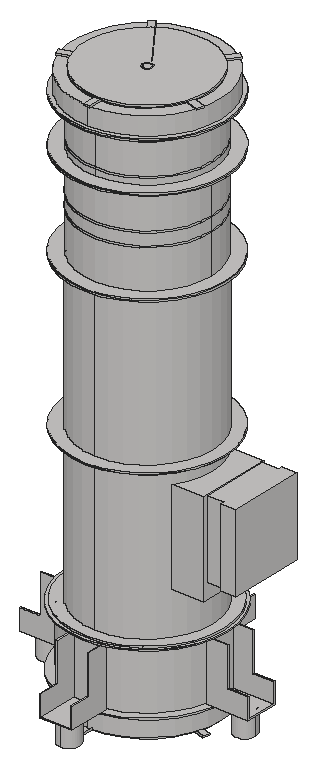
Revit family "HARMANN - MAXEE_HT - pionowy", category Mechanical Equipment, Revit 2022 (continued)
Types (40, lengths in mm): name | Zasilanie natężenie maksymalne Imax | Zasilanie Moc maksymalna Pmax | Zasilanie Częstotliwość Maksymalna fmax | Wysokość FSD | Wysokość FAL | Wysokość | TRA | R2 | Powietrze ciśnienie statyczne maksymalne dPmax | Powietrze Przepływ Maksymalny Qmax | Obroty nominalne nnom | Numer artykułu | N1 | Model | Moc akustyczna nominalna obudowa Lwa | Masa | MAXEE_HT | F | Długość TRA | Długość RVS SPR | Długość RVS | Długość RVK F4 SPR | Długość RVK F4 | Długość RAS F4 od strony tłoczonej SPR | Długość RAS F4 SPR | Długość RAS F4 | Długość RAF SPR | Długość RAF | Długość MR | Długość MAXEE | Długość ESD SPR | Długość ESD | D2 | D | Czy Złącze Elastyczne RAS F4 | Czy Dysza wlotowa ESD | Ciśnienie akustyczne nominalne obudowa Lpa | C | B | Akc SGE dla ESD | Akc SGE | Akc RVS | Akc RVK F4 | Akc RAS F4 | Akc RAF | Akc MR | Akc ESD | A
  MAXEE.HT 1250/6/109300T | 52 A | 28129 W | 55 Hz | 94.00 | 270.00 | 498.00 | yes | 625.00 | 835.0 Pa | 109260.0 m³/h | 980.000 RPM | "16258100" | 39 | "MAXEE.HT 1250/6/109300T" | "95 dB(A)" | 376.00 kg | HARMANN - MAXEE_HT : MAXEE.HT 1250/6/109300T | 997.00 | 681.00 | 308.00 | 308.00 | 566.00 | 566.00 | 235.00 | 235.00 | 235.00 | 105.00 | 105.00 | 300.00 | 728.00 | 178.00 | 178.00 | 1256.00 | 1250.00 | yes | yes | "88 dB(A)" | 1320.00 | 728.00 | HARMANN - Akcesoria - SGE : SGE 1400 | HARMANN - Akcesoria - SGE : SGE 1250 | HARMANN - Akcesoria - RVS : RVS 1250 | HARMANN - Akcesoria - RVK F4 : RVK 1250 | HARMANN - Akcesoria - RAS F4 : RAS 1250 F4 | HARMANN - Akcesoria - RAF : RAF 1250 | HARMANN - Akcesoria - MR : MR 1250 | HARMANN - Akcesoria - ESD : ESD 1250 | 1370.00
  MAXEE.HT 1250/6/119600T | 68.8 A | 37683 W | 60 Hz | 94.00 | 270.00 | 498.00 | yes | 625.00 | 1015.0 Pa | 119640.0 m³/h | 990.000 RPM | "16259000" | 40 | "MAXEE.HT 1250/6/119600T" | "96 dB(A)" | 550.00 kg | HARMANN - MAXEE_HT : MAXEE.HT 1250/6/119600T | 997.00 | 681.00 | 308.00 | 308.00 | 566.00 | 566.00 | 235.00 | 235.00 | 235.00 | 105.00 | 105.00 | 300.00 | 728.00 | 178.00 | 178.00 | 1256.00 | 1250.00 | yes | yes | "89 dB(A)" | 1320.00 | 728.00 | HARMANN - Akcesoria - SGE : SGE 1400 | HARMANN - Akcesoria - SGE : SGE 1250 | HARMANN - Akcesoria - RVS : RVS 1250 | HARMANN - Akcesoria - RVK F4 : RVK 1250 | HARMANN - Akcesoria - RAS F4 : RAS 1250 F4 | HARMANN - Akcesoria - RAF : RAF 1250 | HARMANN - Akcesoria - MR : MR 1250 | HARMANN - Akcesoria - ESD : ESD 1250 | 1370.00
